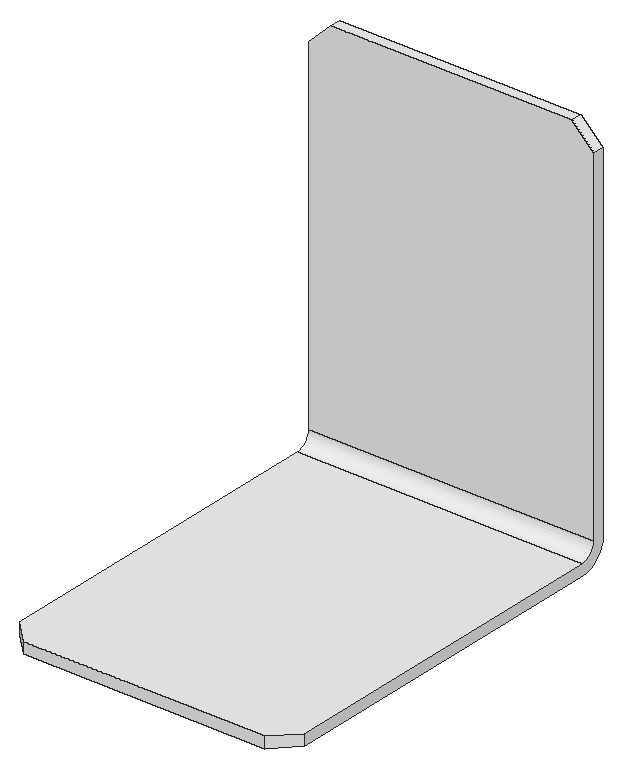
Revit family "JOMA_401", category Structural Connections, host Face, Revit 2012
Parameters (values of type "401M000")
  t = 2.500 mm
  l = 90.000 mm
  h = 90.000 mm
  b = 65.000 mm
  Vikt = "0,204"
  Utan förstärkning = not(Med förstärkning)  # no
  Typ = "VINKEL 401M"
  Spikmönster Bult [instance] = no
  Spikmönster 2 [instance] = no
  Spikmönster 1 [instance] = no
  Spik/skruv [instance] = "ANKARSPIK 4,0x40"
  Med förstärkning = yes
  Material = Varmförzinkad stålplåt
  Länk Joma Dimensioneringsverktyg = "http://www.joma.se/dimensioneringsverktyg"
  Default Elevation = 0.000 mm
  Bult (betong) [instance] = "BULT M10"
  Antal spik/skruv i virkesdel B [instance] = if(and(Spikmönster 1, Med förstärkning), 4, if(and(Spikmönster 2, Med förstärkning), 8, if(and(Spikmönster 1, Utan förstärkning), 4, if(and(Spikmönster 2, Utan förstärkning), 7, if(and(Spikmönster Bult, Med förstärkning), 1, if(and(Spikmönster Bult, Utan förstärkning), 1, 0))))))  # 0
  Antal spik/skruv i virkesdel A [instance] = if(and(Spikmönster 1, Med förstärkning), 4, if(and(Spikmönster 2, Med förstärkning), 6, if(and(Spikmönster 1, Utan förstärkning), 4, if(and(Spikmönster 2, Utan förstärkning), 6, if(and(Spikmönster Bult, Med förstärkning), 6, if(and(Spikmönster Bult, Utan förstärkning), 6, 0))))))  # 0
  401U Spikmönster Bult [instance] = and(Spikmönster Bult, not(or(Med förstärkning, Spikmönster 1, Spikmönster 2)))  # no
  401U Spikmönster 2 [instance] = and(Spikmönster 2, not(or(Med förstärkning, Spikmönster 1, Spikmönster Bult)))  # no
  401U Spikmönster 1 [instance] = and(Spikmönster 1, not(or(Med förstärkning, Spikmönster 2, Spikmönster Bult)))  # no
  401M Spikmönster Bult [instance] = and(Spikmönster Bult, not(or(Utan förstärkning, Spikmönster 1, Spikmönster 2)))  # no
  401M Spikmönster 2 [instance] = and(Spikmönster 2, not(or(Utan förstärkning, Spikmönster 1, Spikmönster Bult)))  # no
  401M Spikmönster 1 [instance] = and(Spikmönster 1, not(or(Utan förstärkning, Spikmönster 2, Spikmönster Bult)))  # no
Types (3, lengths in mm): name | Vikt | Utan förstärkning | Typ | Med förstärkning
  (no name) | "0,204" | no | "VINKEL 401M" | yes
  401M000 | "0,204" | no | "VINKEL 401M" | yes
  401U000 | "0,202" | yes | "VINKEL 401U" | no
Reference planes
  plane 1 "Center (Front/Back)": y = 0
  plane 2: z = 0
  plane 3 "Center (Left/Right)": x = 0
  plane 4: x = -32.5
  plane 5: x = 32.5
  plane 6: y = -90
  plane 7: z = 90
Forms (mm)
  Extrusion 1, solid, material "Varmförzinkad stålplåt" <- "Material"
    sketch origin (0, 0, 0) x (0, 1, 0) y (0, 0, 1)
      loop
        line (0, 90) -> (-2.5, 90) -> (-2.5, 5.702)
        arc (-2.5, 5.702) -> (-3.438, 3.438) -> (-5.702, 2.5) r 3.202
        line (-5.702, 2.5) -> (-90, 2.5) -> (-90, 0) -> (-5.702, 0)
        arc (-5.702, 0) -> (-1.67, 1.67) -> (0, 5.702) r 5.702
        line (0, 5.702) -> (0, 90)
    from -32.5 to 32.5
  Extrusion 2, void
    sketch origin (0, 0, 0) x (1, 0, 0) y (0, 1, 0)
      loop
        line (32.5, -90) -> (32.5, -85) -> (27.5, -90) -> (32.5, -90)
      loop
        line (-32.5, -90) -> (-27.5, -90) -> (-32.5, -85) -> (-32.5, -90)
    from 0 to 2.5 <- "t"
  Extrusion 3, void
    sketch origin (0, 0, 0) x (1, 0, 0) y (0, 0, 1)
      loop
        line (32.5, 90) -> (27.5, 90) -> (32.5, 85) -> (32.5, 90)
      loop
        line (-32.5, 90) -> (-32.5, 85) -> (-27.5, 90) -> (-32.5, 90)
    from 0 to 2.5 <- "t"
Cuts and joins
  Extrusion 2, Extrusion 3 cuts Extrusion 1
Lines and regions (mm)
  symbolic lines, visible <- "Med förstärkning"
    curve 1: circle (0, -78, 0) r 5.5 normal (0, 0, 1)
    curve 10: line (-12.5, -2.5, 0) -> (-10, -58, 0)
    curve 11: line (12.5, -2.5, 0) -> (10, -58, 0)
    curve 12: arc (-10, -58, 0) -> (0, -68, 0) -> (10, -58, 0) r 10
    curve 13: arc (-12.5, -2.5, 0) -> (0, -15, 0) -> (12.5, -2.5, 0) r 12.5
    curve 22: circle (0, 0, 78) r 5.5 normal (0, -1, 0)
    curve 23: line (12.5, 0, 2.5) -> (10, 0, 58)
    curve 24: line (-12.5, 0, 2.5) -> (-10, 0, 58)
    curve 25: arc (-10, 0, 58) -> (0, 0, 68) -> (10, 0, 58) r 10
    curve 26: arc (-12.5, 0, 2.5) -> (0, 0, 15) -> (12.5, 0, 2.5) r 12.5
    curve 31: line (0, -10.898, 10.898) -> (0, -2.543, 67.208)
    curve 32: line (0, -67.208, 2.543) -> (0, -10.898, 10.898)
  symbolic lines
    curve 2: circle (-20, -78, 0) r 2.5 normal (0, 0, 1)
    curve 3: circle (-25, -58, 0) r 2.5 normal (0, 0, 1)
    curve 4: circle (-20, -38, 0) r 2.5 normal (0, 0, 1)
    curve 5: circle (-25, -20, 0) r 2.5 normal (0, 0, 1)
    curve 6: circle (20, -78, 0) r 2.5 normal (0, 0, -1)
    curve 7: circle (25, -58, 0) r 2.5 normal (0, 0, -1)
    curve 8: circle (20, -38, 0) r 2.5 normal (0, 0, -1)
    curve 9: circle (25, -20, 0) r 2.5 normal (0, 0, -1)
    curve 14: circle (-25, 0, 20) r 2.5 normal (0, -1, 0)
    curve 15: circle (-20, 0, 38) r 2.5 normal (0, -1, 0)
    curve 16: circle (-25, 0, 58) r 2.5 normal (0, -1, 0)
    curve 17: circle (-20, 0, 78) r 2.5 normal (0, -1, 0)
    curve 18: circle (25, 0, 20) r 2.5 normal (0, 1, 0)
    curve 19: circle (20, 0, 38) r 2.5 normal (0, 1, 0)
    curve 20: circle (25, 0, 58) r 2.5 normal (0, 1, 0)
    curve 21: circle (20, 0, 78) r 2.5 normal (0, 1, 0)
  symbolic lines, visible <- "Utan förstärkning"
    curve 27: circle (0, 0, 52.5) r 5.5 normal (0, -1, 0)
    curve 28: circle (0, 0, 20) r 2.5 normal (0, 1, 0)
    curve 29: circle (0, -52.5, 0) r 5.5 normal (0, 0, 1)
    curve 30: circle (0, -20, 0) r 2.5 normal (0, 0, -1)
Text (mm)
  text "Virkesdel B/Betong" at (97.396, -29.836, 0), in view "Ref. Level"
  text "Virkesdel A" at (76.984, 0, 55.241), in view "Front"
Dimensions and locks
  "b": plane 5 to plane 4
  "l": plane 1 "Center (Front/Back)" to plane 6  (x2)
  "h": plane 7 to host face
  equal spacing: plane 5, plane 3 "Center (Left/Right)", plane 4
  "t": plane 1 "Center (Front/Back)" to Extrusion 1
  "t": Extrusion 1 to host face
  aligned and locked: plane 2 to host face
  aligned and locked: level to host face
  aligned and locked: plane 5 to Extrusion 1
  aligned and locked: Extrusion 1 to plane 4
  aligned and locked: Extrusion 1 to plane 6
  aligned and locked: plane 7 to Extrusion 1
Automatic sketch dimensions
  host sketch curve to host sketch curve = 2438.400 mm  (x2)
  curve 25 to plane 3 "Center (Left/Right)" = 0.000 mm
  curve 28 to plane 3 "Center (Left/Right)" = 0.000 mm
  curve 27 to plane 3 "Center (Left/Right)" = 0.000 mm
  curve 26 to plane 3 "Center (Left/Right)" = 0.000 mm
  curve 22 to plane 3 "Center (Left/Right)" = 0.000 mm
  level to curve 26 = 2.500 mm
  curve 24 to plane 3 "Center (Left/Right)" = 10.000 mm
  curve 29 to plane 3 "Center (Left/Right)" = 0.000 mm
  curve 13 to plane 3 "Center (Left/Right)" = 0.000 mm
  curve 1 to plane 3 "Center (Left/Right)" = 0.000 mm
  curve 12 to plane 3 "Center (Left/Right)" = 0.000 mm
  curve 30 to plane 3 "Center (Left/Right)" = 0.000 mm
  plane 1 "Center (Front/Back)" to curve 13 = 2.500 mm
  curve 10 to curve 12 = 10.000 mm
  curve 12 to curve 29 = 5.500 mm
  Extrusion 1 sketch curve to plane 6 = 0.000 mm
  Extrusion 1 sketch curve to level = 0.000 mm
  Extrusion 1 sketch curve to plane 7 = 0.000 mm
  Extrusion 1 sketch curve to plane 1 "Center (Front/Back)" = 0.000 mm
  plane 1 "Center (Front/Back)" to Extrusion 1 sketch curve = 5.702 mm
  Extrusion 1 sketch curve to Extrusion 1 sketch curve = 0.000 mm  (x3)
  plane 1 "Center (Front/Back)" to Extrusion 1 sketch curve = 2.500 mm
  level to Extrusion 1 sketch curve = 2.500 mm
  Extrusion 2 sketch curve to plane 4 = 0.000 mm
  Extrusion 2 sketch curve to plane 6 = 0.000 mm  (x2)
  Extrusion 2 sketch curve to plane 5 = 0.000 mm
  Extrusion 2 sketch curve to Extrusion 2 sketch curve = 5.000 mm
  Extrusion 2 sketch curve to plane 5 = 5.000 mm
  plane 6 to Extrusion 2 sketch curve = 5.000 mm  (x2)
  Extrusion 3 sketch curve to plane 4 = 0.000 mm
  Extrusion 3 sketch curve to plane 7 = 0.000 mm  (x2)
  Extrusion 3 sketch curve to plane 5 = 0.000 mm
  Extrusion 3 sketch curve to Extrusion 3 sketch curve = 5.000 mm  (x3)
  Extrusion 3 sketch curve to plane 5 = 5.000 mm
  curve 30 to curve 13 = 17.500 mm
  curve 8 to curve 9 = 18.000 mm
  curve 4 to curve 5 = 18.000 mm
  curve 3 to curve 10 = 0.000 mm
  curve 12 to curve 7 = 0.000 mm
  curve 7 to curve 8 = 20.000 mm
  curve 3 to curve 4 = 20.000 mm
  plane 1 "Center (Front/Back)" to curve 5 = 20.000 mm
  plane 6 to curve 1 = 12.000 mm
  plane 6 to curve 6 = 12.000 mm
  plane 6 to curve 2 = 12.000 mm
  curve 10 to curve 13 = 12.500 mm
  plane 4 to curve 2 = 12.500 mm
  plane 4 to curve 4 = 12.500 mm
  plane 4 to curve 5 = 7.500 mm
  plane 4 to curve 3 = 7.500 mm
  curve 24 to curve 26 = 12.500 mm
  plane 4 to curve 15 = 12.500 mm
  plane 4 to curve 17 = 12.500 mm
  plane 4 to curve 14 = 7.500 mm
  plane 4 to curve 16 = 7.500 mm
  curve 6 to plane 5 = 12.500 mm
  curve 8 to plane 5 = 12.500 mm
  curve 7 to plane 5 = 7.500 mm
  curve 9 to plane 5 = 7.500 mm
  curve 19 to plane 5 = 12.500 mm
  curve 21 to plane 5 = 12.500 mm
  curve 18 to plane 5 = 7.500 mm
  curve 20 to plane 5 = 7.500 mm
  curve 21 to plane 7 = 12.000 mm
  curve 22 to plane 7 = 12.000 mm
  curve 17 to plane 7 = 12.000 mm
  curve 27 to curve 24 = 5.500 mm
  curve 16 to curve 24 = 0.000 mm
  curve 15 to curve 27 = 14.500 mm
  curve 20 to curve 25 = 0.000 mm
  curve 26 to curve 28 = 17.500 mm
  level to curve 18 = 20.000 mm
  level to curve 14 = 20.000 mm
  curve 18 to curve 19 = 18.000 mm
  curve 14 to curve 15 = 18.000 mm
  level to curve 32 = 2.543 mm
  plane 6 to curve 32 = 22.792 mm
  plane 1 "Center (Front/Back)" to curve 32 = 10.898 mm
  plane 1 "Center (Front/Back)" to curve 31 = 2.543 mm
  level to curve 32 = 10.898 mm
  curve 31 to plane 7 = 22.792 mm
  radius of curve 14 = 2.500 mm
  radius of curve 15 = 2.500 mm
  radius of curve 16 = 2.500 mm
  radius of curve 17 = 2.500 mm
  radius of curve 18 = 2.500 mm
  radius of curve 19 = 2.500 mm
  radius of curve 20 = 2.500 mm
  radius of curve 21 = 2.500 mm
  radius of curve 22 = 5.500 mm
  radius of curve 27 = 5.500 mm
  radius of curve 28 = 2.500 mm
  radius of curve 1 = 5.500 mm
  radius of curve 2 = 2.500 mm
  radius of curve 3 = 2.500 mm
  radius of curve 4 = 2.500 mm
  radius of curve 5 = 2.500 mm
  radius of curve 6 = 2.500 mm
  radius of curve 7 = 2.500 mm
  radius of curve 8 = 2.500 mm
  radius of curve 9 = 2.500 mm
  radius of curve 29 = 5.500 mm
  radius of curve 30 = 2.500 mm
Nested families
  nested 1: "Spikmönster" at (-20, 0, 78) x (1, 0, 0) z (0, -1, 0), visible <- "401M Spikmönster 1", type "Ø5"
  nested 2: "Spikmönster" at (20, 0, 78) x (1, 0, 0) z (0, -1, 0), visible <- "401M Spikmönster 1", type "Ø5"
  nested 3: "Spikmönster" at (-20, 0, 38) x (1, 0, 0) z (0, -1, 0), visible <- "401M Spikmönster 1", type "Ø5"
  nested 4: "Spikmönster" at (20, 0, 38) x (1, 0, 0) z (0, -1, 0), visible <- "401M Spikmönster 1", type "Ø5"
  nested 5: "Spikmönster" at (-20, 0, 78) x (1, 0, 0) z (0, -1, 0), visible <- "401M Spikmönster 2", type "Ø5"
  nested 6: "Spikmönster" at (20, 0, 78) x (1, 0, 0) z (0, -1, 0), visible <- "401M Spikmönster 2", type "Ø5"
  nested 7: "Spikmönster" at (25, 0, 58) x (1, 0, 0) z (0, -1, 0), visible <- "401M Spikmönster 2", type "Ø5"
  nested 8: "Spikmönster" at (-25, 0, 58) x (1, 0, 0) z (0, -1, 0), visible <- "401M Spikmönster 2", type "Ø5"
  nested 9: "Spikmönster" at (-20, 0, 38) x (1, 0, 0) z (0, -1, 0), visible <- "401M Spikmönster 2", type "Ø5"
  nested 10: "Spikmönster" at (20, 0, 38) x (1, 0, 0) z (0, -1, 0), visible <- "401M Spikmönster 2", type "Ø5"
  nested 11: "Spikmönster" at (-20, 0, 78) x (1, 0, 0) z (0, -1, 0), visible <- "401M Spikmönster Bult", type "Ø5"
  nested 12: "Spikmönster" at (20, 0, 78) x (1, 0, 0) z (0, -1, 0), visible <- "401M Spikmönster Bult", type "Ø5"
  nested 13: "Spikmönster" at (25, 0, 58) x (1, 0, 0) z (0, -1, 0), visible <- "401M Spikmönster Bult", type "Ø5"
  nested 14: "Spikmönster" at (-25, 0, 58) x (1, 0, 0) z (0, -1, 0), visible <- "401M Spikmönster Bult", type "Ø5"
  nested 15: "Spikmönster" at (-20, 0, 38) x (1, 0, 0) z (0, -1, 0), visible <- "401M Spikmönster Bult", type "Ø5"
  nested 16: "Spikmönster" at (20, 0, 38) x (1, 0, 0) z (0, -1, 0), visible <- "401M Spikmönster Bult", type "Ø5"
  nested 17: "Spikmönster" at (-20, 0, 78) x (1, 0, 0) z (0, -1, 0), visible <- "401U Spikmönster 1", type "Ø5"
  nested 18: "Spikmönster" at (20, 0, 78) x (1, 0, 0) z (0, -1, 0), visible <- "401U Spikmönster 1", type "Ø5"
  nested 19: "Spikmönster" at (-20, 0, 38) x (1, 0, 0) z (0, -1, 0), visible <- "401U Spikmönster 1", type "Ø5"
  nested 20: "Spikmönster" at (20, 0, 38) x (1, 0, 0) z (0, -1, 0), visible <- "401U Spikmönster 1", type "Ø5"
  nested 21: "Spikmönster" at (-20, 0, 78) x (1, 0, 0) z (0, -1, 0), visible <- "401U Spikmönster 2", type "Ø5"
  nested 22: "Spikmönster" at (20, 0, 78) x (1, 0, 0) z (0, -1, 0), visible <- "401U Spikmönster 2", type "Ø5"
  nested 23: "Spikmönster" at (25, 0, 58) x (1, 0, 0) z (0, -1, 0), visible <- "401U Spikmönster 2", type "Ø5"
  nested 24: "Spikmönster" at (20, 0, 38) x (1, 0, 0) z (0, -1, 0), visible <- "401U Spikmönster 2", type "Ø5"
  nested 25: "Spikmönster" at (-20, 0, 38) x (1, 0, 0) z (0, -1, 0), visible <- "401U Spikmönster 2", type "Ø5"
  nested 26: "Spikmönster" at (-25, 0, 58) x (1, 0, 0) z (0, -1, 0), visible <- "401U Spikmönster 2", type "Ø5"
  nested 27: "Spikmönster" at (-20, 0, 78) x (1, 0, 0) z (0, -1, 0), visible <- "401U Spikmönster Bult", type "Ø5"
  nested 28: "Spikmönster" at (20, 0, 78) x (1, 0, 0) z (0, -1, 0), visible <- "401U Spikmönster Bult", type "Ø5"
  nested 29: "Spikmönster" at (-25, 0, 58) x (1, 0, 0) z (0, -1, 0), visible <- "401U Spikmönster Bult", type "Ø5"
  nested 30: "Spikmönster" at (-20, 0, 38) x (1, 0, 0) z (0, -1, 0), visible <- "401U Spikmönster Bult", type "Ø5"
  nested 31: "Spikmönster" at (25, 0, 58) x (1, 0, 0) z (0, -1, 0), visible <- "401U Spikmönster Bult", type "Ø5"
  nested 32: "Spikmönster" at (20, 0, 38) x (1, 0, 0) z (0, -1, 0), visible <- "401U Spikmönster Bult", type "Ø5"
  nested 33: "Spikmönster" at (-25, -20, 0), visible <- "401M Spikmönster 1", type "Ø5"
  nested 34: "Spikmönster" at (25, -20, 0), visible <- "401M Spikmönster 1", type "Ø5"
  nested 35: "Spikmönster" at (-20, -78, 0), visible <- "401M Spikmönster 1", type "Ø5"
  nested 36: "Spikmönster" at (20, -78, 0), visible <- "401M Spikmönster 1", type "Ø5"
  nested 37: "Spikmönster" at (-25, -20, 0), visible <- "401M Spikmönster 2", type "Ø5"
  nested 38: "Spikmönster" at (25, -20, 0), visible <- "401M Spikmönster 2", type "Ø5"
  nested 39: "Spikmönster" at (20, -38, 0), visible <- "401M Spikmönster 2", type "Ø5"
  nested 40: "Spikmönster" at (-20, -38, 0), visible <- "401M Spikmönster 2", type "Ø5"
  nested 41: "Spikmönster" at (-25, -58, 0), visible <- "401M Spikmönster 2", type "Ø5"
  nested 42: "Spikmönster" at (25, -58, 0), visible <- "401M Spikmönster 2", type "Ø5"
  nested 43: "Spikmönster" at (20, -78, 0), visible <- "401M Spikmönster 2", type "Ø5"
  nested 44: "Spikmönster" at (-20, -78, 0), visible <- "401M Spikmönster 2", type "Ø5"
  nested 45: "Spikmönster" at (0, -78, 0), visible <- "401M Spikmönster Bult", type "Ø11"
  nested 46: "Spikmönster" at (-25, -20, 0), visible <- "401U Spikmönster 1", type "Ø5"
  nested 47: "Spikmönster" at (25, -20, 0), visible <- "401U Spikmönster 1", type "Ø5"
  nested 48: "Spikmönster" at (-20, -78, 0), visible <- "401U Spikmönster 1", type "Ø5"
  nested 49: "Spikmönster" at (20, -78, 0), visible <- "401U Spikmönster 1", type "Ø5"
  nested 50: "Spikmönster" at (-25, -20, 0), visible <- "401U Spikmönster 2", type "Ø5"
  nested 51: "Spikmönster" at (0, -20, 0), visible <- "401U Spikmönster 2", type "Ø5"
  nested 52: "Spikmönster" at (25, -20, 0), visible <- "401U Spikmönster 2", type "Ø5"
  nested 53: "Spikmönster" at (20, -38, 0), visible <- "401U Spikmönster 2", type "Ø5"
  nested 54: "Spikmönster" at (-20, -38, 0), visible <- "401U Spikmönster 2", type "Ø5"
  nested 55: "Spikmönster" at (-20, -78, 0), visible <- "401U Spikmönster 2", type "Ø5"
  nested 56: "Spikmönster" at (20, -78, 0), visible <- "401U Spikmönster 2", type "Ø5"
  nested 57: "Spikmönster" at (0, -52.5, 0), visible <- "401U Spikmönster Bult", type "Ø11"
Definition of nested family "Spikmönster"
  Parameters (values of type "Ø11")
    Radie = 5.500 mm
  Types (3, lengths in mm): name | Radie
    (no name) | 5.500
    Ø5 | 2.500
    Ø11 | 5.500
  Reference planes
    plane 1 "Center (Front/Back)": y = 0
    plane 2: z = 0
    plane 3 "Center (Left/Right)": x = 0
  Lines and regions (mm)
    Filled region 1, type "Solid Fill - Black", in view "Ref. Level"
      outline origin (0, 0, 0) x (1, 0, 0) y (0, 1, 0)
        loop
          circle (0, 0) r 5.5
  Dimensions and locks
    "Radie": radius of Filled region 1 sketch curve
  Automatic sketch dimensions
    plane 1 "Center (Front/Back)" to Filled region 1 sketch curve = 0.000 mm
    Filled region 1 sketch curve to plane 3 "Center (Left/Right)" = 0.000 mm
